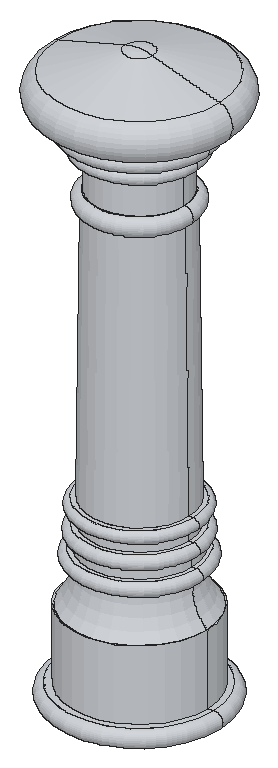
Revit family
Parameters (values of type "SBS-019.5")
  Width = 1' - 1 3/4"
  URL = "www.strombergarchitectural.com"
  Top Material = GFRC
  Submittal Sheet = "www.strombergarchitectural.com/images/materials/gfrc/submittal/gfrc-submittal-sheet.pdf"
  Specifications = "www.strombergarchitectural.com/gfrcspecifications"
  Model Cut-sheet = "www.strombergarchitectural.com/products/bollards/design/SBS-019"
  Model = "SBS-019"
  Manufacturer = "Stromberg Architectural Products"
  Guidebook = "www.strombergarchitectural.com/images/materials/gfrc/handbooks/gfrc_guidebook.pdf"
  Frame Material = none
  Description = "GFRC Bollard"
  Assembly Code = ""
  Height = 4' - 0"
  XXX.5 = yes
  XXX.4 = no
  XXX.3 = no
  XXX.2 = no
  XXX.1 = no
Types (6): name | Width | Guidebook | Height | XXX.5 | XXX.4 | XXX.3 | XXX.2 | XXX.1
  (no name) | 1' - 1 3/4" | "www.strombergarchitectural.com/images/materials/gfrc/handbooks/gfrc_guidebook.pdf" | 4' - 0" | yes | no | no | no | no
  SBS-019.3 | 0' - 10 1/4" | "www.strombergarchitectural.com/images/materials/gfrc/handbooks/gfrc_guidebook.pdf" | 3' - 0" | no | no | yes | no | no
  SBS-019.1 | 0' - 6 3/4" | "www.strombergarchitectural.com/images/materials/gfrc/handbooks/gfrc_guidebook.pdf   \r\n(http://www.strombergarchitectural.com/images/materials/gfrc/handbooks/gfrc_guidebook.pdf" | 2' - 0" | no | no | no | no | yes
  SBS-019.2 | 0' - 8 1/2" | "www.strombergarchitectural.com/images/materials/gfrc/handbooks/gfrc_guidebook.pdf" | 2' - 6" | no | no | no | yes | no
  SBS-019.4 | 1' - 0" | "www.strombergarchitectural.com/images/materials/gfrc/handbooks/gfrc_guidebook.pdf" | 3' - 6" | no | yes | no | no | no
  SBS-019.5 | 1' - 1 3/4" | "www.strombergarchitectural.com/images/materials/gfrc/handbooks/gfrc_guidebook.pdf" | 4' - 0" | yes | no | no | no | no
Reference planes (in)
  plane 1 "Center (Front/Back)": y = 3.74847
  plane 2: z = 0
  plane 3 "Center (Left/Right)": x = 0.7278
  plane 4 "Front": y = -3.25153
  plane 5 "Back": y = 10.74847
Forms (in)
  Revolve 1, solid, visible <- "XXX.1"
    sketch origin (0, 3.74847, 0) x (1, 0, 0) y (0, 0, 1)
      loop
        line (-1.74724, 0.33333) -> (-1.74724, 3.38473)
        arc (-1.74724, 3.38473) -> (-1.2016, 4.35437) -> (-1.11174, 5.46336) r 2.59734
        line (-1.11174, 5.46336) -> (-1.11174, 6.25837) -> (-0.9781, 6.25837) -> (-0.9781, 7.1692) -> (-0.75764, 20.54893) -> (-1.00764, 20.54893)
        arc (-1.00764, 20.54893) -> (-1.03856, 21.06852) -> (-1.53523, 21.22422) r 0.45838
        arc (-1.53523, 21.22422) -> (-1.44782, 21.69586) -> (-1.84781, 21.9606) r 0.43453
        line (-1.84781, 21.9606) -> (-2.3756, 21.9606)
        arc (-2.3756, 21.9606) -> (-2.7553, 22.31714) -> (-2.55344, 22.79729) r 0.4563
        line (-2.55344, 22.79729) -> (0.24073, 23.59821)
        arc (0.24073, 23.59821) -> (0.48187, 23.64946) -> (0.7278, 23.66667) r 1.7683
        line (0.7278, 23.66667) -> (0.7278, 23.99942)
        arc (0.7278, 23.99942) -> (0.43961, 23.97969) -> (0.1568, 23.92087) r 2.11462
        line (0.1568, 23.92087) -> (-2.59095, 23.15028)
        arc (-2.59095, 23.15028) -> (-3.09069, 22.30249) -> (-2.37662, 21.62528) r 0.79013
        line (-2.37662, 21.62528) -> (-1.85844, 21.62528)
        arc (-1.85844, 21.62528) -> (-1.75346, 21.5203) -> (-1.85844, 21.41531) r 0.10499
        arc (-1.85844, 21.41531) -> (-2.12108, 21.15267) -> (-1.85844, 20.89003) r 0.26264
        line (-1.85844, 20.89003) -> (-1.38102, 20.89003)
        arc (-1.38102, 20.89003) -> (-1.27621, 20.78522) -> (-1.38102, 20.68041) r 0.10481
        line (-1.38102, 20.68041) -> (-1.41989, 20.68041)
        arc (-1.41989, 20.68041) -> (-1.65466, 20.44563) -> (-1.41989, 20.21086) r 0.23477
        line (-1.41989, 20.21086) -> (-1.09621, 20.21086) -> (-1.09621, 18.83232) -> (-1.13931, 18.83232)
        arc (-1.13931, 18.83232) -> (-1.4794, 18.50801) -> (-1.17507, 18.14992) r 0.34223
        line (-1.17507, 18.14992) -> (-1.30759, 7.48026) -> (-1.49459, 7.48026)
        arc (-1.49459, 7.48026) -> (-1.71769, 7.25716) -> (-1.49459, 7.03407) r 0.2231
        line (-1.49459, 7.03407) -> (-1.31918, 7.03407) -> (-1.31918, 6.58788) -> (-1.49459, 6.58788)
        arc (-1.49459, 6.58788) -> (-1.75706, 6.32541) -> (-1.49459, 6.06295) r 0.26247
        line (-1.49459, 6.06295) -> (-1.44508, 6.06295) -> (-1.44508, 5.66925) -> (-1.61688, 5.66925)
        arc (-1.61688, 5.66925) -> (-1.87935, 5.40678) -> (-1.61688, 5.14432) r 0.26247
        line (-1.61688, 5.14432) -> (-1.42182, 5.14432)
        arc (-1.42182, 5.14432) -> (-1.58381, 4.2869) -> (-2.08058, 3.56953) r 2.09812
        line (-2.08058, 3.56953) -> (-2.08058, 0.68241) -> (-2.34764, 0.68241)
        arc (-2.34764, 0.68241) -> (-2.68884, 0.3412) -> (-2.34764, 0) r 0.3412
        line (-2.34764, 0) -> (-1.35551, 0) -> (-1.35551, 0.33333) -> (-1.74724, 0.33333)
      axis (0.7278, 23.99942) -> (0.7278, 0)
    angle from 0 to 360
  Revolve 2, solid, visible <- "XXX.2"
    sketch origin (0, 3.74847, 0) x (1, 0, 0) y (0, 0, 1)
      loop
        line (-2.36601, 0.41667) -> (-2.36601, 4.20983)
        arc (-2.36601, 4.20983) -> (-1.68896, 5.42691) -> (-1.56968, 6.8145) r 3.32566
        line (-1.56968, 6.8145) -> (-1.56968, 7.81818) -> (-1.41426, 7.81818) -> (-1.13359, 25.6826) -> (-1.4438, 25.6826)
        arc (-1.4438, 25.6826) -> (-1.40627, 26.21329) -> (-1.83693, 26.52566) r 0.5479
        line (-1.83693, 26.52566) -> (-2.10527, 26.52566)
        arc (-2.10527, 26.52566) -> (-1.997, 27.10562) -> (-2.47775, 27.44759) r 0.5479
        line (-2.47775, 27.44759) -> (-3.12611, 27.44759)
        arc (-3.12611, 27.44759) -> (-3.63299, 27.93563) -> (-3.28026, 28.54448) r 0.57037
        line (-3.28026, 28.54448) -> (0.11896, 29.49777)
        arc (0.11896, 29.49777) -> (0.42039, 29.56181) -> (0.7278, 29.58333) r 2.21119
        line (0.7278, 29.58333) -> (0.7278, 30)
        arc (0.7278, 30) -> (0.36756, 29.9748) -> (0.01405, 29.90109) r 2.66291
        line (0.01405, 29.90109) -> (-3.42063, 28.93785)
        arc (-3.42063, 28.93785) -> (-4.04536, 27.8781) -> (-3.15273, 27.0316) r 0.98766
        line (-3.15273, 27.0316) -> (-2.505, 27.0316)
        arc (-2.505, 27.0316) -> (-2.37377, 26.90037) -> (-2.505, 26.76914) r 0.13123
        arc (-2.505, 26.76914) -> (-2.83309, 26.44106) -> (-2.505, 26.11298) r 0.32808
        line (-2.505, 26.11298) -> (-1.90283, 26.11298)
        arc (-1.90283, 26.11298) -> (-1.7716, 25.98174) -> (-1.90283, 25.85051) r 0.13123
        line (-1.90283, 25.85051) -> (-1.95681, 25.85051)
        arc (-1.95681, 25.85051) -> (-2.25327, 25.55405) -> (-1.95681, 25.25758) r 0.29646
        line (-1.95681, 25.25758) -> (-1.55109, 25.25758) -> (-1.55109, 23.53887) -> (-1.64021, 23.53887)
        arc (-1.64021, 23.53887) -> (-2.03175, 23.11793) -> (-1.65079, 22.68739) r 0.42779
        line (-1.65079, 22.68739) -> (-1.81644, 9.35032) -> (-2.05019, 9.35032)
        arc (-2.05019, 9.35032) -> (-2.32906, 9.07145) -> (-2.05019, 8.79258) r 0.27887
        line (-2.05019, 8.79258) -> (-1.83093, 8.79258) -> (-1.83093, 8.23485) -> (-2.05019, 8.23485)
        arc (-2.05019, 8.23485) -> (-2.37827, 7.90676) -> (-2.05019, 7.57868) r 0.32808
        line (-2.05019, 7.57868) -> (-1.9883, 7.57868) -> (-1.9883, 7.0864) -> (-2.19271, 7.0864)
        arc (-2.19271, 7.0864) -> (-2.52071, 6.7584) -> (-2.19271, 6.4304) r 0.328
        line (-2.19271, 6.4304) -> (-1.95923, 6.4304)
        arc (-1.95923, 6.4304) -> (-2.16581, 5.36034) -> (-2.78267, 4.46191) r 2.67064
        line (-2.78267, 4.46191) -> (-2.78267, 0.85301) -> (-3.11649, 0.85301)
        arc (-3.11649, 0.85301) -> (-3.543, 0.42651) -> (-3.11649, 0) r 0.42651
        line (-3.11649, 0) -> (-1.87633, 0) -> (-1.87633, 0.41667) -> (-2.36601, 0.41667)
      axis (0.7278, 30) -> (0.7278, 0)
    angle from 0 to 360
  Revolve 3, solid, visible <- "XXX.3"
    sketch origin (0, 3.74847, 0) x (1, 0, 0) y (0, 0, 1)
      loop
        line (-2.98601, 0.5) -> (-2.98601, 5.07304)
        arc (-2.98601, 5.07304) -> (-2.16708, 6.52958) -> (-2.03152, 8.19504) r 3.90734
        line (-2.03152, 8.19504) -> (-2.03152, 9.38181) -> (-1.84268, 9.38181) -> (-1.50597, 30.81601) -> (-1.88017, 30.81601)
        arc (-1.88017, 30.81601) -> (-1.84844, 31.48676) -> (-2.42226, 31.83554) r 0.65748
        line (-2.42226, 31.83554) -> (-2.66748, 31.83554)
        arc (-2.66748, 31.83554) -> (-2.54318, 32.52974) -> (-3.11886, 32.93711) r 0.65748
        line (-3.11886, 32.93711) -> (-3.89689, 32.93711)
        arc (-3.89689, 32.93711) -> (-4.50514, 33.52276) -> (-4.08188, 34.25337) r 0.68444
        line (-4.08188, 34.25337) -> (-0.00281, 35.39732)
        arc (-0.00281, 35.39732) -> (0.35891, 35.47418) -> (0.7278, 35.5) r 2.65306
        line (0.7278, 35.5) -> (0.7278, 36)
        arc (0.7278, 36) -> (0.29552, 35.96976) -> (-0.1287, 35.8813) r 3.19549
        line (-0.1287, 35.8813) -> (-4.25032, 34.72543)
        arc (-4.25032, 34.72543) -> (-4.9995, 33.45379) -> (-3.92883, 32.43792) r 1.18533
        line (-3.92883, 32.43792) -> (-3.15156, 32.43792)
        arc (-3.15156, 32.43792) -> (-2.99409, 32.28044) -> (-3.15156, 32.12297) r 0.15748
        arc (-3.15156, 32.12297) -> (-3.54526, 31.72927) -> (-3.15156, 31.33557) r 0.3937
        line (-3.15156, 31.33557) -> (-2.42896, 31.33557)
        arc (-2.42896, 31.33557) -> (-2.27148, 31.17809) -> (-2.42896, 31.02061) r 0.15748
        line (-2.42896, 31.02061) -> (-2.49373, 31.02061)
        arc (-2.49373, 31.02061) -> (-2.84806, 30.66628) -> (-2.49373, 30.31196) r 0.35433
        line (-2.49373, 30.31196) -> (-2.0073, 30.31196) -> (-2.0073, 28.24848) -> (-2.07286, 28.24848)
        arc (-2.07286, 28.24848) -> (-2.58299, 27.76201) -> (-2.12651, 27.22487) r 0.51335
        line (-2.12651, 27.22487) -> (-2.32529, 11.22039) -> (-2.60579, 11.22039)
        arc (-2.60579, 11.22039) -> (-2.94043, 10.88574) -> (-2.60579, 10.5511) r 0.33464
        line (-2.60579, 10.5511) -> (-2.34268, 10.5511) -> (-2.34268, 9.88181) -> (-2.60579, 9.88181)
        arc (-2.60579, 9.88181) -> (-2.99949, 9.48812) -> (-2.60579, 9.09442) r 0.3937
        line (-2.60579, 9.09442) -> (-2.53152, 9.09442) -> (-2.53152, 8.50387) -> (-2.78816, 8.50387)
        arc (-2.78816, 8.50387) -> (-3.17855, 8.11348) -> (-2.78816, 7.72309) r 0.39039
        line (-2.78816, 7.72309) -> (-2.49673, 7.72309)
        arc (-2.49673, 7.72309) -> (-2.72266, 6.45089) -> (-3.40603, 5.35429) r 3.40734
        line (-3.40603, 5.35429) -> (-3.48477, 5.35429) -> (-3.48477, 1.02361) -> (-3.88535, 1.02361)
        arc (-3.88535, 1.02361) -> (-4.39716, 0.51181) -> (-3.88535, 0) r 0.51181
        line (-3.88535, 0) -> (-2.39716, 0) -> (-2.39716, 0.5) -> (-2.98601, 0.5)
      axis (0.7278, 36) -> (0.7278, 0)
    angle from 0 to 360
  Revolve 4, solid, visible <- "XXX.4"
    sketch origin (0, 3.74847, 0) x (1, 0, 0) y (0, 0, 1)
      loop
        line (-3.60353, 0.58333) -> (-3.60353, 5.91609)
        arc (-3.60353, 5.91609) -> (-2.65101, 7.61488) -> (-2.49073, 9.55589) r 4.57874
        line (-2.49073, 9.55589) -> (-2.49073, 10.94545) -> (-2.27109, 10.94545) -> (-1.8783, 35.95098) -> (-2.31551, 35.95098)
        arc (-2.31551, 35.95098) -> (-2.2842, 36.74632) -> (-2.97528, 37.14123) r 0.76706
        line (-2.97528, 37.14123) -> (-3.23357, 37.14123)
        arc (-3.23357, 37.14123) -> (-3.10216, 37.97091) -> (-3.80666, 38.42842) r 0.77117
        line (-3.80666, 38.42842) -> (-4.68362, 38.42842)
        arc (-4.68362, 38.42842) -> (-5.37294, 39.08235) -> (-4.94885, 39.93261) r 0.79852
        line (-4.94885, 39.93261) -> (-0.11335, 41.30002)
        arc (-0.11335, 41.30002) -> (0.3032, 41.38737) -> (0.7278, 41.41667) r 3.09118
        line (0.7278, 41.41667) -> (0.7278, 42)
        arc (0.7278, 42) -> (0.22347, 41.96472) -> (-0.27145, 41.86152) r 3.72807
        line (-0.27145, 41.86152) -> (-5.06712, 40.51661)
        arc (-5.06712, 40.51661) -> (-5.95589, 39.03543) -> (-4.70494, 37.84424) r 1.38185
        line (-4.70494, 37.84424) -> (-3.79813, 37.84424)
        arc (-3.79813, 37.84424) -> (-3.6144, 37.66052) -> (-3.79813, 37.47679) r 0.18373
        arc (-3.79813, 37.47679) -> (-4.25744, 37.01748) -> (-3.79813, 36.55817) r 0.45931
        line (-3.79813, 36.55817) -> (-2.95509, 36.55817)
        arc (-2.95509, 36.55817) -> (-2.77136, 36.37444) -> (-2.95509, 36.19071) r 0.18373
        line (-2.95509, 36.19071) -> (-3.03066, 36.19071)
        arc (-3.03066, 36.19071) -> (-3.44404, 35.77733) -> (-3.03066, 35.36395) r 0.41338
        line (-3.03066, 35.36395) -> (-2.46151, 35.36395) -> (-2.46151, 32.95656) -> (-2.53964, 32.95656)
        arc (-2.53964, 32.95656) -> (-3.13479, 32.38901) -> (-2.60223, 31.76235) r 0.59891
        line (-2.60223, 31.76235) -> (-2.83414, 13.09045) -> (-3.16139, 13.09045)
        arc (-3.16139, 13.09045) -> (-3.55181, 12.70004) -> (-3.16139, 12.30962) r 0.39042
        line (-3.16139, 12.30962) -> (-2.85442, 12.30962) -> (-2.85442, 11.52878) -> (-3.16139, 11.52878)
        arc (-3.16139, 11.52878) -> (-3.6207, 11.06947) -> (-3.16139, 10.61016) r 0.45931
        line (-3.16139, 10.61016) -> (-3.07473, 10.61016) -> (-3.07473, 9.92094) -> (-3.36052, 9.92094)
        arc (-3.36052, 9.92094) -> (-3.81585, 9.46561) -> (-3.36052, 9.01027) r 0.45534
        line (-3.36052, 9.01027) -> (-3.03415, 9.01027)
        arc (-3.03415, 9.01027) -> (-3.29774, 7.52604) -> (-4.095, 6.24667) r 3.97523
        line (-4.095, 6.24667) -> (-4.18686, 6.24667) -> (-4.18686, 1.19422) -> (-4.65421, 1.19422)
        arc (-4.65421, 1.19422) -> (-5.25132, 0.59711) -> (-4.65421, 0) r 0.59711
        line (-4.65421, 0) -> (-2.91799, 0) -> (-2.91799, 0.58333) -> (-3.60353, 0.58333)
      axis (0.7278, 42) -> (0.7278, 0)
    angle from 0 to 360
  Revolve 5, solid
    sketch origin (0, 3.74847, 0) x (1, 0, 0) y (0, 0, 1)
      loop
        line (-4.22229, 0.66667) -> (-4.22229, 6.75027)
        arc (-4.22229, 6.75027) -> (-3.13959, 8.69537) -> (-2.9495, 10.91337) r 5.30928
        line (-2.9495, 10.91337) -> (-2.9495, 12.50909) -> (-2.6995, 12.50909) -> (-2.25075, 41.08261) -> (-2.75308, 41.08261)
        arc (-2.75308, 41.08261) -> (-2.70873, 41.98523) -> (-3.4853, 42.44742) r 0.87664
        line (-3.4853, 42.44742) -> (-3.79911, 42.44742)
        arc (-3.79911, 42.44742) -> (-3.64745, 43.40565) -> (-4.47008, 43.91994) r 0.87908
        line (-4.47008, 43.91994) -> (-5.47008, 43.91994)
        arc (-5.47008, 43.91994) -> (-6.25154, 44.7128) -> (-5.6851, 45.67117) r 0.91259
        line (-5.6851, 45.67117) -> (-0.24635, 47.19643)
        arc (-0.24635, 47.19643) -> (0.23595, 47.29889) -> (0.7278, 47.33333) r 3.53883
        line (0.7278, 47.33333) -> (0.7278, 48)
        arc (0.7278, 48) -> (0.15142, 47.95968) -> (-0.4142, 47.84174) r 4.26065
        line (-0.4142, 47.84174) -> (-5.90969, 46.30057)
        arc (-5.90969, 46.30057) -> (-6.90842, 44.60508) -> (-5.48104, 43.25057) r 1.58049
        line (-5.48104, 43.25057) -> (-4.44469, 43.25057)
        arc (-4.44469, 43.25057) -> (-4.23471, 43.04059) -> (-4.44469, 42.83062) r 0.20997
        arc (-4.44469, 42.83062) -> (-4.96962, 42.30569) -> (-4.44469, 41.78076) r 0.52493
        line (-4.44469, 41.78076) -> (-3.48121, 41.78076)
        arc (-3.48121, 41.78076) -> (-3.27124, 41.57079) -> (-3.48121, 41.36082) r 0.20997
        line (-3.48121, 41.36082) -> (-3.56758, 41.36082)
        arc (-3.56758, 41.36082) -> (-4.04002, 40.88838) -> (-3.56758, 40.41594) r 0.47244
        line (-3.56758, 40.41594) -> (-2.91741, 40.41594) -> (-2.91741, 37.66465) -> (-3.00642, 37.66465)
        arc (-3.00642, 37.66465) -> (-3.68659, 37.01601) -> (-3.07795, 36.29983) r 0.68447
        line (-3.07795, 36.29983) -> (-3.34299, 14.96052) -> (-3.71699, 14.96052)
        arc (-3.71699, 14.96052) -> (-4.16318, 14.51433) -> (-3.71699, 14.06813) r 0.44619
        line (-3.71699, 14.06813) -> (-3.36617, 14.06813) -> (-3.36617, 13.17575) -> (-3.71699, 13.17575)
        arc (-3.71699, 13.17575) -> (-4.24192, 12.65082) -> (-3.71699, 12.12589) r 0.52493
        line (-3.71699, 12.12589) -> (-3.61795, 12.12589) -> (-3.61795, 11.33849) -> (-3.96385, 11.33849)
        arc (-3.96385, 11.33849) -> (-4.48437, 10.81797) -> (-3.96385, 10.29745) r 0.52052
        line (-3.96385, 10.29745) -> (-3.57157, 10.29745)
        arc (-3.57157, 10.29745) -> (-3.87281, 8.60119) -> (-4.78397, 7.13905) r 4.54312
        line (-4.78397, 7.13905) -> (-4.88895, 7.13905) -> (-4.88895, 1.36482) -> (-5.42307, 1.36482)
        arc (-5.42307, 1.36482) -> (-6.10548, 0.68241) -> (-5.42307, 0) r 0.68241
        line (-5.42307, 0) -> (-3.43881, 0) -> (-3.43881, 0.66667) -> (-4.22229, 0.66667)
      axis (0.7278, 48) -> (0.7278, 0)
    angle from 0 to 360
Dimensions and locks (in)
  aligned and locked: level to plane 2
